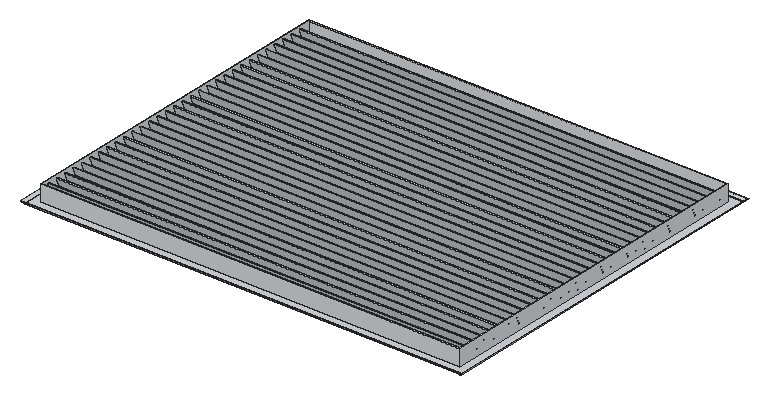
Revit family "BFFH", category Air Terminals, Revit 2012
Parameters (values of type "BFFH-30-24")
  b = B - 2 3/4"  # 28 7/8"
  a = A - 2 3/4"  # 22 7/8"
  Vertical = 24"
  URL = "http://www.innes.com.mx"
  Separacion = 3/4"
  No. de aletas = a / Separacion  # 31
  Mínima velocidad de cuello = 0 FPM
  Mínima presión estática = 0.00 in-wg
  Máximo nivel de ruido (NC) = ""
  Máxima velocidad de cuello = 0 FPM
  Máxima presión estática = 0.00 in-wg
  Material = ""
  Manufacturer = "INNES"
  Horizontal = 30"
  Cuello = ""
  B = Horizontal + 1 5/8"  # 31 5/8"
  A = Vertical + 1 5/8"  # 25 5/8"
Types (4): name | b | a | Vertical | No. de aletas | Horizontal | B | A
  (no name) | 28 7/8" | 22 7/8" | 24" | 31 | 30" | 31 5/8" | 25 5/8"
  BFFH-04-04 | 2 7/8" | 2 7/8" | 4" | 4 | 4" | 5 5/8" | 5 5/8"
  BFFH-48-60 | 46 7/8" | 58 7/8" | 60" | 79 | 48" | 49 5/8" | 61 5/8"
  BFFH-30-24 | 28 7/8" | 22 7/8" | 24" | 31 | 30" | 31 5/8" | 25 5/8"
Reference planes
  plane 1 "Center (Front/Back)": y = 0
  plane 2: z = 0
  plane 3 "Center (Left/Right)": x = 0
  plane 4: x = -401.637
  plane 5: x = 401.638
  plane 6: x = -366.712
  plane 7: x = 366.713
  plane 8: x = -381
  plane 9: x = 381
  plane 10: y = 325.437
  plane 11: y = 290.512
  plane 12: y = 304.8
  plane 13: y = -325.438
  plane 14: y = -290.513
  plane 15: y = -304.8
  plane 16: z = 30.163
  plane 17: y = 304.006
  plane 18: z = 4.763
  plane 19: z = 18.797
  plane 20: y = 284.162
Forms (mm)
  Sweep 1, solid
    path origin (0, 0, 0) x (1, 0, 0) y (0, 1, 0)
      loop
        line (-366.712, 290.512) -> (-366.712, -290.513) -> (366.713, -290.513) -> (366.713, 290.512) -> (-366.712, 290.512)
    profile origin (0, 290.512, 0) x (0, 1, 0) y (0, 0, 1)
      loop
        line (0, 0) -> (29.505, 0)
        arc (29.505, 0) -> (30.112, 0.121) -> (30.627, 0.465) r 1.588
        line (30.627, 0.465) -> (34.925, 4.763) -> (34.132, 4.763) -> (30.667, 1.298)
        arc (30.667, 1.298) -> (30.152, 0.954) -> (29.545, 0.833) r 1.588
        line (29.545, 0.833) -> (14.287, 0.833) -> (14.287, 30.163) -> (13.494, 30.163) -> (13.494, 0.833) -> (0, 0.833) -> (0, 0)
Dimensions and locks
  equal spacing: plane 10, plane 1 "Center (Front/Back)", plane 13
  "A": plane 10 to plane 13
  equal spacing: plane 11, plane 1 "Center (Front/Back)", plane 14
  "a": plane 11 to plane 14
  equal spacing: plane 12, plane 1 "Center (Front/Back)", plane 15
  "Vertical": plane 12 to plane 15
  equal spacing: plane 4, plane 3 "Center (Left/Right)", plane 5
  "B": plane 4 to plane 5
  equal spacing: plane 6, plane 3 "Center (Left/Right)", plane 7
  "b": plane 6 to plane 7
  equal spacing: plane 8, plane 3 "Center (Left/Right)", plane 9
  "Horizontal": plane 8 to plane 9
  plane 16 to level = 1 3/16"
  locked: plane 12 to plane 17 at 0.794
  locked: plane 18 to level at 4.762
  plane 11 to plane 20 = 1/4"
  locked: plane 19 to level at 18.797
  equal spacing: group 1, group 2, group 3, group 4, group 5, group 6, group 7, group 8, group 9, group 10, group 11, group 12, group 13, group 14, group 15, group 16, group 17, group 18, group 19, group 20, group 21, group 22, group 23, group 24, group 25, group 26, group 27, group 28, group 29, group 30, group 31  (x2)
  equal spacing: group 31, group 30, group 29, group 28, group 27, group 26, group 25, group 24, group 23, group 22, group 21, group 20, group 19, group 18, group 17, group 16, group 15, group 14, group 13, group 12, group 11, group 10, group 9, group 8, group 7, group 6, group 5, group 4, group 3, group 2, group 1
  "Separacion": nested 1 to nested 2
  aligned and locked: plane 2 to level
  aligned and locked: Sweep 1 sketch curve to plane 11  (x2)
  aligned and locked: plane 6 to Sweep 1 sketch curve
  aligned and locked: plane 14 to Sweep 1 sketch curve
  aligned and locked: Sweep 1 sketch curve to plane 7
  aligned and locked: plane 16 to Sweep 1 sketch curve
  aligned and locked: plane 17 to Sweep 1 sketch curve
  aligned and locked: plane 12 to Sweep 1 sketch curve
  aligned and locked: plane 10 to Sweep 1 sketch curve
  aligned and locked: Sweep 1 sketch curve to plane 18
  aligned and locked: Sweep 1 to plane 8
  aligned and locked: plane 9 to Sweep 1
  aligned and locked: plane 19 to nested 1
  aligned and locked: plane 20 to nested 1
  aligned and locked: plane 8 to nested 2
  aligned and locked: plane 8 to nested 4
  aligned and locked: nested 2 to plane 9
  aligned and locked: nested 4 to plane 9
Automatic sketch dimensions
  Sweep 1 sketch curve to level = 0"
  Sweep 1 sketch curve to plane 18 = 0.09222"
  Sweep 1 sketch curve to Sweep 1 sketch curve = 0.21183"
  Sweep 1 sketch curve to Sweep 1 sketch curve = 0.00156"  (x2)
  level to Sweep 1 sketch curve = 0.01831"
  Sweep 1 sketch curve to Sweep 1 sketch curve = 0.04264"
  Sweep 1 sketch curve to Sweep 1 sketch curve = 0.03123"
  level to Sweep 1 sketch curve = 0.03278"  (x2)
Nested families
  nested 1: "Rejilla aleta pequeña" at (-381, 284.162, 18.797), type "Rejilla aleta pequeña"
    with b 30"
  nested 2: "Rejilla aleta pequeña" at (-381, 265.112, 18.797), type "Rejilla aleta pequeña"
    with b 30"
  nested 3: "Rejilla aleta pequeña" at (-381, 246.063, 18.797), type "Rejilla aleta pequeña"
    with b 30"
  nested 4: "Rejilla aleta pequeña" at (-381, 227.013, 18.797), type "Rejilla aleta pequeña"
    with b 30"
  nested 5: "Rejilla aleta pequeña" at (-381, 207.963, 18.797), type "Rejilla aleta pequeña"
    with b 30"
  nested 6: "Rejilla aleta pequeña" at (-381, 188.913, 18.797), type "Rejilla aleta pequeña"
    with b 30"
  nested 7: "Rejilla aleta pequeña" at (-381, 169.863, 18.797), type "Rejilla aleta pequeña"
    with b 30"
  nested 8: "Rejilla aleta pequeña" at (-381, 150.813, 18.797), type "Rejilla aleta pequeña"
    with b 30"
  nested 9: "Rejilla aleta pequeña" at (-381, 131.763, 18.797), type "Rejilla aleta pequeña"
    with b 30"
  nested 10: "Rejilla aleta pequeña" at (-381, 112.713, 18.797), type "Rejilla aleta pequeña"
    with b 30"
  nested 11: "Rejilla aleta pequeña" at (-381, 93.663, 18.797), type "Rejilla aleta pequeña"
    with b 30"
  nested 12: "Rejilla aleta pequeña" at (-381, 74.613, 18.797), type "Rejilla aleta pequeña"
    with b 30"
  nested 13: "Rejilla aleta pequeña" at (-381, 55.563, 18.797), type "Rejilla aleta pequeña"
    with b 30"
  nested 14: "Rejilla aleta pequeña" at (-381, 36.513, 18.797), type "Rejilla aleta pequeña"
    with b 30"
  nested 15: "Rejilla aleta pequeña" at (-381, 17.463, 18.797), type "Rejilla aleta pequeña"
    with b 30"
  nested 16: "Rejilla aleta pequeña" at (-381, -1.587, 18.797), type "Rejilla aleta pequeña"
    with b 30"
  nested 17: "Rejilla aleta pequeña" at (-381, -20.637, 18.797), type "Rejilla aleta pequeña"
    with b 30"
  nested 18: "Rejilla aleta pequeña" at (-381, -39.687, 18.797), type "Rejilla aleta pequeña"
    with b 30"
  nested 19: "Rejilla aleta pequeña" at (-381, -58.737, 18.797), type "Rejilla aleta pequeña"
    with b 30"
  nested 20: "Rejilla aleta pequeña" at (-381, -77.787, 18.797), type "Rejilla aleta pequeña"
    with b 30"
  nested 21: "Rejilla aleta pequeña" at (-381, -96.837, 18.797), type "Rejilla aleta pequeña"
    with b 30"
  nested 22: "Rejilla aleta pequeña" at (-381, -115.887, 18.797), type "Rejilla aleta pequeña"
    with b 30"
  nested 23: "Rejilla aleta pequeña" at (-381, -134.937, 18.797), type "Rejilla aleta pequeña"
    with b 30"
  nested 24: "Rejilla aleta pequeña" at (-381, -153.987, 18.797), type "Rejilla aleta pequeña"
    with b 30"
  nested 25: "Rejilla aleta pequeña" at (-381, -173.037, 18.797), type "Rejilla aleta pequeña"
    with b 30"
  nested 26: "Rejilla aleta pequeña" at (-381, -192.087, 18.797), type "Rejilla aleta pequeña"
    with b 30"
  nested 27: "Rejilla aleta pequeña" at (-381, -211.137, 18.797), type "Rejilla aleta pequeña"
    with b 30"
  nested 28: "Rejilla aleta pequeña" at (-381, -230.187, 18.797), type "Rejilla aleta pequeña"
    with b 30"
  nested 29: "Rejilla aleta pequeña" at (-381, -249.237, 18.797), type "Rejilla aleta pequeña"
    with b 30"
  nested 30: "Rejilla aleta pequeña" at (-381, -268.287, 18.797), type "Rejilla aleta pequeña"
    with b 30"
  nested 31: "Rejilla aleta pequeña" at (-381, -287.337, 18.797), type "Rejilla aleta pequeña"
    with b 30"
Connectors
  hvac at (0, 0, 0.833), driven by "Vertical", driven by "Horizontal"
    settings: on Sweep 1, index 1, duct flow 0 CFM, flow factor 0, pres drop 0.00 in-wg, loss coef 0, conn angle 0.00°, conn width 30", conn height 24", conn radius 12", duct sys type 1, conn prof type 1, flow config 0, flow direction 0, loss method 0, conn ref index -1, conn util no, is conn primary yes, conn desc ""
Definition of nested family "Rejilla aleta pequeña"
  Parameters (values of type "Rejilla aleta pequeña")
    b = 9 7/16"
  Reference planes
    plane 1 "Center (Front/Back)": y = 0
    plane 2: z = 0
    plane 3 "Center (Left/Right)": x = 0
    plane 4: y = 19.05
    plane 5: y = -19.05
    plane 6: z = -19.05
    plane 7: z = 19.05
    plane 8: z = 0
    plane 9: y = 0
    plane 10: x = 239.713
  Forms (mm)
    Extrusion 1, solid
      sketch origin (0, -1.05, 2.43) x (0, -0.62316, -0.782094) y (0, 0.782094, -0.62316)
        loop
          line (-2.52, -6.031) -> (5.888, 8.532)
          arc (5.888, 8.532) -> (6.701, 11.583) -> (4.506, 9.314) r 1.631
          line (4.506, 9.314) -> (-3.895, -5.237) -> (-2.52, -6.031)
      from 0 to 239.713
  Dimensions and locks
    equal spacing: plane 4, plane 1 "Center (Front/Back)", plane 5
    plane 4 to plane 5 = 1 1/2"
    equal spacing: plane 7, level, plane 6
    plane 7 to plane 6 = 1 1/2"
    Extrusion 1 sketch curve to Extrusion 1 sketch curve = 1/16"
    "b": plane 3 "Center (Left/Right)" to plane 10
    aligned and locked: plane 2 to level
    aligned and locked: Extrusion 1 to plane 10
  Automatic sketch dimensions
    plane 1 "Center (Front/Back)" to Extrusion 1 sketch curve = 0.10703"
    level to Extrusion 1 sketch curve = 0.34408"
    Extrusion 1 sketch curve to Extrusion 1 sketch curve = 0.05413"
    Extrusion 1 sketch curve to Extrusion 1 sketch curve = 0.33075"
    Extrusion 1 sketch curve to Extrusion 1 sketch curve = 0.0544"
    Extrusion 1 sketch curve to Extrusion 1 sketch curve = 0.00042"
